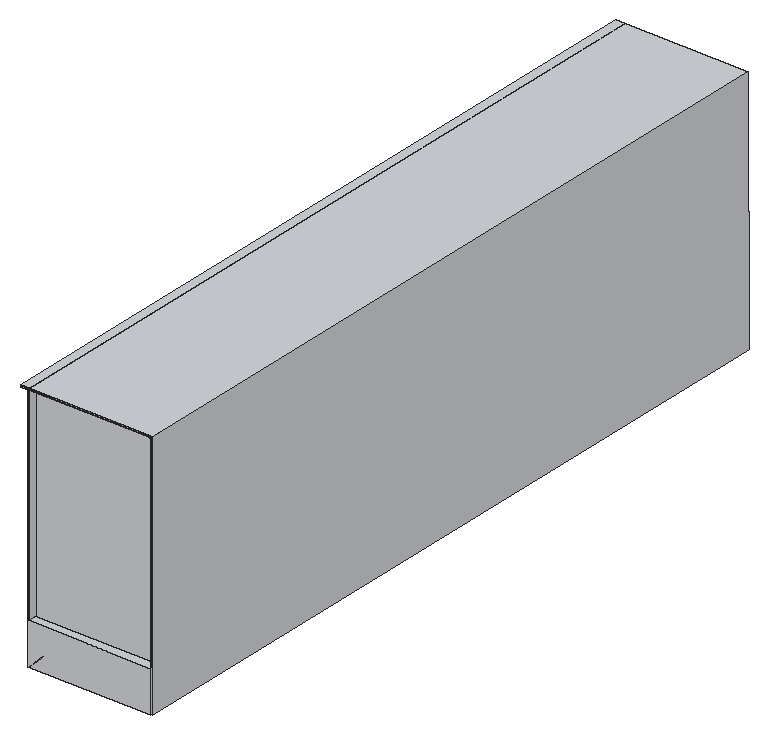
Revit family "Plenum (P-N, P-L) (Arrangement A)", category Mechanical Equipment, Revit 2015
Parameters
  Width = 0' - 6"
  URL = "https://unitedenertech.com/catalog/pdf/I_2%20Model%20P-N,%20P-L,%20P-EX,%20P-N-SL,%20P-L-SL,%20P-EX-SL.pdf"
  Type Comments = "Consult Factory for Max. Sizes"
  P-L (Insulation Option) = yes
  Model = "P-N / P-L (Arrangement A)"
  Manufacturer = "United Enertech Corporation"
  Length = 3' - 0"
  Keynote = "Model Shown without Damper Option. Consult Factory for Models with Dampers."
  Inlet Size = 0' - 8"
  Inlet Radius OD [instance] = Inlet Size / 2  # 0' - 4"
  Inlet Radius ID [instance] = Inlet Radius OD - 0' 0 9/256"  # 0' - 3 247/256"
  Hem Option = yes
  Height = 1' - 0"
  Description = "Plenum for Diffusers"
Reference planes (in)
  plane 1 "Center (Front/Back)": y = 0
  plane 2: z = 0
  plane 3 "Center (Left/Right)": x = 0
  plane 4: x = 6
  plane 5: x = -1.5
  plane 6: x = 0.035
  plane 7: x = 5.965
  plane 8: z = 12
  plane 9: z = 11.965
  plane 10: z = 11.93
  plane 11: z = 11
  plane 12: z = 2
  plane 13: z = 3
  plane 14: z = 7
  plane 15: y = 18
  plane 16: y = -18
  plane 17: y = 4
  plane 18: y = -4
  plane 19: y = -17.965
  plane 20: y = 17.965
  plane 21: x = -0.375
  plane 22: y = 17.59
  plane 23: y = 17.55484
  plane 24: y = -17.59
  plane 25: y = -17.55484
  plane 26: z = 1.96484
  plane 27: x = 0.07016
  plane 28: x = 5.92984
  plane 29: y = 17.05484
  plane 30: x = 0.57016
  plane 31: x = 5.42984
  plane 32: y = -17.05484
  plane 33: z = 11.43
Forms (in)
  Extrusion 1, solid
    sketch origin (0, 0, 0) x (1, 0, 0) y (0, 0, 1)
      loop
        line (-0.375, 12) -> (-0.375, 11.965) -> (5.965, 11.965) -> (5.965, 0) -> (6, 0) -> (6, 12) -> (-0.375, 12)
    from -17.965 to 17.965
  Extrusion 2, solid
    sketch origin (0, 0, 0) x (1, 0, 0) y (0, 0, 1)
      loop
        line (-0.375, 11.965) -> (-0.375, 11.93) -> (0, 11.93) -> (0, 0) -> (0.035, 0) -> (0.035, 11.965) -> (-0.375, 11.965)
    from -17.965 to 17.965
  Extrusion 3, void
    sketch origin (0, 0, 0) x (0, 1, 0) y (0, 0, 1)
      loop
        circle (0, 7) r 4
    from -1.5 to 0.57016
  Extrusion 4, solid
    sketch origin (0, 0, 0) x (0, 1, 0) y (0, 0, 1)
      loop
        line (17.965, 11.965) -> (17.55484, 11.965) -> (17.55484, 1.96484) -> (17.965, 1.96484) -> (17.965, 0) -> (18, 0) -> (18, 2) -> (17.59, 2) -> (17.59, 11.93) -> (17.965, 11.93) -> (17.965, 11.965)
    from 0.035 to 5.965
  Extrusion 5, solid
    sketch origin (0, 0, 0) x (0, 1, 0) y (0, 0, 1)
      loop
        line (-17.965, 11.965) -> (-17.965, 11.93) -> (-17.59, 11.93) -> (-17.59, 2) -> (-18, 2) -> (-18, 0) -> (-17.965, 0) -> (-17.965, 1.96484) -> (-17.55484, 1.96484) -> (-17.55484, 11.965) -> (-17.965, 11.965)
    from 0.035 to 5.965
  Extrusion 6, solid
    sketch origin (0, 0, 0) x (1, 0, 0) y (0, 0, 1)
      loop
        line (0.035, 2) -> (0.07016, 2) -> (0.07016, 11.93) -> (0.035, 11.93) -> (0.035, 2)
    from 17.59 to 17.965
  Extrusion 7, solid
    sketch origin (0, 0, 0) x (1, 0, 0) y (0, 0, 1)
      loop
        line (0.035, 2) -> (0.07016, 2) -> (0.07016, 11.93) -> (0.035, 11.93) -> (0.035, 2)
    from -17.965 to -17.59
  Extrusion 8, solid
    sketch origin (0, 0, 0) x (1, 0, 0) y (0, 0, 1)
      loop
        line (5.92984, 2) -> (5.965, 2) -> (5.965, 11.93) -> (5.92984, 11.93) -> (5.92984, 2)
    from 17.59 to 17.965
  Extrusion 9, solid
    sketch origin (0, 0, 0) x (1, 0, 0) y (0, 0, 1)
      loop
        line (5.92984, 2) -> (5.965, 2) -> (5.965, 11.93) -> (5.92984, 11.93) -> (5.92984, 2)
    from -17.965 to -17.59
  Extrusion 10, solid
    sketch origin (0, 0, 0) x (0, 1, 0) y (0, 0, 1)
      loop
        circle (0, 7) r 4
      loop
        circle (0, 7) r 3.96484
    from -1.5 to 0
  Extrusion 11, solid, material "Rigid insulation", visible <- "P-L (Insulation Option)"
    sketch origin (0, 0, 0) x (1, 0, 0) y (0, 0, 1)
      loop
        line (0.07016, 11.43) -> (5.92984, 11.43) -> (5.92984, 11.93) -> (0.07016, 11.93) -> (0.07016, 11.43)
    from -17.55484 to 17.55484
  Extrusion 12, solid, material "Rigid insulation", visible <- "P-L (Insulation Option)"
    sketch origin (0, 0, 0) x (1, 0, 0) y (0, 1, 0)
      loop
        line (0.57016, -17.05484) -> (5.42984, -17.05484) -> (5.42984, 17.05484) -> (0.57016, 17.05484) -> (0.57016, -17.05484)
      loop
        line (0.07016, -17.55484) -> (5.92984, -17.55484) -> (5.92984, 17.55484) -> (0.07016, 17.55484) -> (0.07016, -17.55484)
    from 2 to 11.43
  Extrusion 13, solid, visible <- "Hem Option"
    sketch origin (0, 0, 0) x (1, 0, 0) y (0, 0, 1)
      loop
        line (0.07016, 0) -> (0.77726, 0.70711) -> (0.7524, 0.73197) -> (0.07016, 0.04972) -> (0.07016, 0)
    from -17.965 to 17.965
  Extrusion 14, solid, visible <- "Hem Option"
    sketch origin (0, 0, 0) x (1, 0, 0) y (0, 0, 1)
      loop
        line (5.92984, 0) -> (5.92984, 0.04972) -> (5.2476, 0.73197) -> (5.22274, 0.70711) -> (5.92984, 0)
    from -17.965 to 17.965
Cuts and joins
  Extrusion 3 cuts Extrusion 2
  Extrusion 3 cuts Extrusion 12
Dimensions and locks (in)
  locked: plane 5 to plane 3 "Center (Left/Right)" at 1.5
  locked: plane 3 "Center (Left/Right)" to plane 6 at 0.035
  locked: plane 7 to plane 4 at 0.035
  locked: plane 8 to plane 9 at 0.035
  locked: plane 9 to plane 10 at 0.035
  locked: plane 8 to plane 11 at 1
  "Height": plane 8 to level
  locked: plane 12 to level at 2
  equal spacing: plane 11, plane 14, plane 13
  "Inlet Size": plane 11 to plane 13
  "Width": plane 3 "Center (Left/Right)" to plane 4
  equal spacing: plane 15, plane 1 "Center (Front/Back)", plane 16
  "Length": plane 15 to plane 16
  equal spacing: plane 17, plane 1 "Center (Front/Back)", plane 18
  "Inlet Size": plane 17 to plane 18
  locked: plane 19 to plane 16 at 0.035
  locked: plane 20 to plane 15 at 0.035
  locked: plane 3 "Center (Left/Right)" to plane 21 at 0.375
  locked: plane 20 to plane 22 at 0.375
  locked: plane 22 to plane 23 at 0.03516
  locked: plane 24 to plane 19 at 0.375
  locked: plane 25 to plane 24 at 0.03516
  locked: plane 12 to plane 26 at 0.03516
  locked: plane 27 to plane 6 at 0.03516
  locked: plane 28 to plane 7 at 0.03516
  locked: plane 23 to plane 29 at 0.5
  locked: plane 27 to plane 30 at 0.5
  locked: plane 31 to plane 28 at 0.5
  locked: plane 32 to plane 25 at 0.5
  locked: plane 10 to plane 33 at 0.5
  locked: Extrusion 13 sketch curve to Extrusion 13 sketch curve at 1
  locked: Extrusion 14 sketch curve to Extrusion 14 sketch curve at 1
  "Inlet Radius OD": radius of Extrusion 3 sketch curve
  "Inlet Radius ID": radius of Extrusion 10 sketch curve
  "Inlet Radius OD": radius of Extrusion 10 sketch curve
  locked: level to Extrusion 13 sketch curve (angle 45.00°)
  locked: Extrusion 14 sketch curve to level (angle 45.00°)
  aligned and locked: level to plane 2
  aligned and locked: plane 21 to Extrusion 1 sketch curve
  aligned and locked: Extrusion 1 sketch curve to plane 8
  aligned and locked: plane 4 to Extrusion 1 sketch curve
  aligned and locked: level to Extrusion 1 sketch curve
  aligned and locked: Extrusion 1 sketch curve to plane 7
  aligned and locked: plane 9 to Extrusion 1 sketch curve
  aligned and locked: Extrusion 1 to plane 20
  aligned and locked: Extrusion 1 to plane 19
  aligned and locked: Extrusion 2 sketch curve to plane 9
  aligned and locked: plane 21 to Extrusion 2 sketch curve
  aligned and locked: plane 10 to Extrusion 2 sketch curve
  aligned and locked: Extrusion 2 sketch curve to plane 6
  aligned and locked: plane 3 "Center (Left/Right)" to Extrusion 2 sketch curve
  aligned and locked: level to Extrusion 2 sketch curve
  aligned and locked: Extrusion 2 to plane 19
  aligned and locked: Extrusion 2 to plane 20
  aligned and locked: plane 5 to Extrusion 3
  aligned and locked: Extrusion 4 sketch curve to plane 9
  aligned and locked: plane 20 to Extrusion 4 sketch curve
  aligned and locked: plane 10 to Extrusion 4 sketch curve
  aligned and locked: Extrusion 4 sketch curve to plane 15
  aligned and locked: level to Extrusion 4 sketch curve
  aligned and locked: Extrusion 4 sketch curve to plane 20
  aligned and locked: plane 26 to Extrusion 4 sketch curve
  aligned and locked: Extrusion 4 sketch curve to plane 12
  aligned and locked: plane 22 to Extrusion 4 sketch curve
  aligned and locked: Extrusion 4 sketch curve to plane 23
  aligned and locked: Extrusion 4 to plane 6
  aligned and locked: Extrusion 4 to plane 7
  aligned and locked: plane 9 to Extrusion 5 sketch curve
  aligned and locked: Extrusion 5 sketch curve to plane 19
  aligned and locked: Extrusion 5 sketch curve to plane 10
  aligned and locked: Extrusion 5 sketch curve to level
  aligned and locked: Extrusion 5 sketch curve to plane 16
  aligned and locked: plane 19 to Extrusion 5 sketch curve
  aligned and locked: Extrusion 5 sketch curve to plane 26
  aligned and locked: plane 12 to Extrusion 5 sketch curve
  aligned and locked: Extrusion 5 sketch curve to plane 24
  aligned and locked: plane 25 to Extrusion 5 sketch curve
  aligned and locked: Extrusion 5 to plane 6
  aligned and locked: Extrusion 5 to plane 7
  aligned and locked: plane 10 to Extrusion 6 sketch curve
  aligned and locked: Extrusion 6 sketch curve to plane 6
  aligned and locked: plane 27 to Extrusion 6 sketch curve
  aligned and locked: Extrusion 6 sketch curve to plane 12
  aligned and locked: Extrusion 7 to plane 20
  aligned and locked: plane 22 to Extrusion 7
  aligned and locked: plane 24 to Extrusion 6
  aligned and locked: Extrusion 6 to plane 19
  aligned and locked: Extrusion 8 sketch curve to plane 12
  aligned and locked: Extrusion 8 sketch curve to plane 7
  aligned and locked: Extrusion 8 sketch curve to plane 28
  aligned and locked: plane 10 to Extrusion 8 sketch curve
  aligned and locked: Extrusion 9 to plane 20
  aligned and locked: plane 22 to Extrusion 9
  aligned and locked: Extrusion 8 to plane 19
  aligned and locked: plane 24 to Extrusion 8
  aligned and locked: Extrusion 10 to plane 5
  aligned and locked: plane 3 "Center (Left/Right)" to Extrusion 10
  aligned and locked: plane 10 to Extrusion 11 sketch curve
  aligned and locked: plane 28 to Extrusion 11 sketch curve
  aligned and locked: Extrusion 11 sketch curve to plane 27
  aligned and locked: Extrusion 11 sketch curve to plane 33
  aligned and locked: Extrusion 11 to plane 25
  aligned and locked: Extrusion 11 to plane 23
  aligned and locked: Extrusion 12 sketch curve to plane 27
  aligned and locked: Extrusion 12 sketch curve to plane 23
  aligned and locked: plane 28 to Extrusion 12 sketch curve
  aligned and locked: Extrusion 12 sketch curve to plane 25
  aligned and locked: Extrusion 12 sketch curve to plane 32
  aligned and locked: Extrusion 12 sketch curve to plane 30
  aligned and locked: plane 31 to Extrusion 12 sketch curve
  aligned and locked: plane 29 to Extrusion 12 sketch curve
  aligned and locked: Extrusion 12 to plane 12
  aligned and locked: plane 33 to Extrusion 12
  aligned and locked: plane 30 to Extrusion 3
  aligned and locked: plane 27 to Extrusion 13 sketch curve
  aligned and locked: level to Extrusion 13 sketch curve
  aligned and locked: Extrusion 13 to plane 19
  aligned and locked: Extrusion 13 to plane 20
  aligned and locked: plane 28 to Extrusion 14 sketch curve
  aligned and locked: level to Extrusion 14 sketch curve
  aligned and locked: Extrusion 14 to plane 20
  aligned and locked: Extrusion 14 to plane 19
Automatic sketch dimensions
  Extrusion 7 sketch curve to plane 6 = 0' - 0"
  Extrusion 7 sketch curve to plane 10 = 0' - 0"
  Extrusion 7 sketch curve to plane 27 = 0' - 0"
  Extrusion 7 sketch curve to plane 12 = 0' - 0"
  Extrusion 9 sketch curve to plane 10 = 0' - 0"
  Extrusion 9 sketch curve to plane 28 = 0' - 0"
  plane 7 to Extrusion 9 sketch curve = 0' - 0"
  Extrusion 9 sketch curve to plane 12 = 0' - 0"
  Extrusion 13 sketch curve to Extrusion 13 sketch curve = 0' - 0.02486"
  Extrusion 14 sketch curve to Extrusion 14 sketch curve = 0' - 0.02486"
  Extrusion 3 sketch curve to plane 1 "Center (Front/Back)" = 0' - 0"
  Extrusion 3 sketch curve to plane 14 = 0' - 0"
  Extrusion 10 sketch curve to Extrusion 10 sketch curve = 0' - 0"  (x2)
  Extrusion 10 sketch curve to plane 1 "Center (Front/Back)" = 0' - 0"
  Extrusion 10 sketch curve to plane 14 = 0' - 0"
